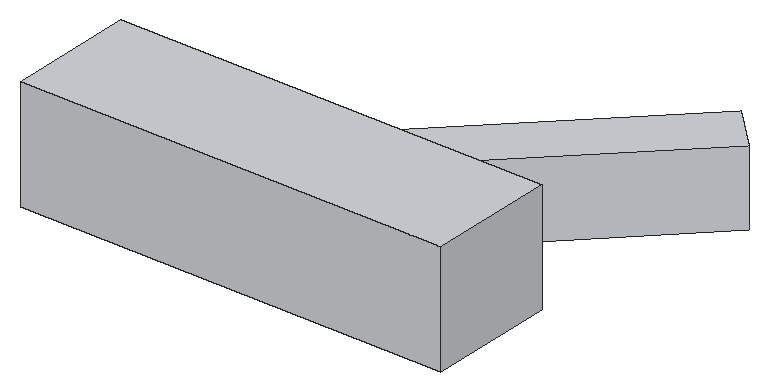
Revit family "DuctFitting_Rectangle_Tee", category Duct Fittings, Revit 2023
Family settings
  Round Connector Dimension = Use Diameter
  Part Type = Tee
  Work Plane-Based = No
  Always vertical = Yes
  Cut with Voids When Loaded = No
  Shared = No
Parameters
  Width Branch [instance] = 200 mm
  Width Main [instance] = 450 mm
  Length Branch [instance] = 1300 mm
  Length Main [instance] = 1500 mm
  Height Branch [instance] = 270 mm
  Height Main [instance] = 400 mm
  Default Elevation = 0 mm
  Angle [instance] = 45.00°
Reference planes
  plane 1 "Center (Front/Back)": y = 0
  plane 2: z = 0
  plane 3 "Center (Left/Right)": x = 0
Forms (mm)
  Sweep 1, solid
    path origin (0, 0, 0) x (1, 0, 0) y (0, 1, 0)
      loop
        line (750, 0) -> (0, 0) -> (-750, 0)
    profile origin (-375, 0, 0) x (0, -1, 0) y (0, 0, 1)
      loop
        line (225, -200) -> (225, 200) -> (-225, 200) -> (-225, -200) -> (225, -200)
  Sweep 2, solid
    path origin (0, 0, 0) x (1, 0, 0) y (0, 1, 0)
      loop
        line (0, 0) -> (919.239, 919.239)
    profile origin (459.619, 459.619, 0) x (-0.707107, 0.707107, 0) y (0, 0, 1)
      loop
        line (100, -135) -> (100, 135) -> (-100, 135) -> (-100, -135) -> (100, -135)
Cuts and joins
  joined: Sweep 1, Sweep 2
Dimensions and locks
  "Length Main": Sweep 1 sketch curve to Sweep 1 sketch curve
  equal spacing: Sweep 1 sketch curve, Sweep 1 sketch curve, Sweep 1 sketch curve
  "Width Main": Sweep 1 sketch curve to Sweep 1 sketch curve
  "Height Main": Sweep 1 sketch curve to Sweep 1 sketch curve
  "Width Branch": Sweep 2 sketch curve to Sweep 2 sketch curve
  "Height Branch": Sweep 2 sketch curve to Sweep 2 sketch curve
  equal spacing: Sweep 2 sketch curve, profile plane, Sweep 2 sketch curve  (x2)
  equal spacing: Sweep 1 sketch curve, profile plane, Sweep 1 sketch curve  (x2)
  "Length Branch": Sweep 2 sketch curve to Sweep 2 sketch curve
  "Angle": angle plane 1 "Center (Front/Back)" to Sweep 2 sketch curve
  aligned and locked: level to plane 2
Automatic sketch dimensions
  plane 1 "Center (Front/Back)" to Sweep 1 sketch curve = 0 mm
  Sweep 1 sketch curve to plane 3 "Center (Left/Right)" = 0 mm
  plane 1 "Center (Front/Back)" to Sweep 2 sketch curve = 0 mm
  Sweep 2 sketch curve to plane 3 "Center (Left/Right)" = 0 mm
Connectors
  hvac at (919.239, 919.239, 0), driven by "Height Branch", driven by "Width Branch"
    settings: on cut or joined group of Sweep 1, Sweep 2, index 1, duct flow 0.0 L/s, flow factor 0, pres drop 0.0 Pa, loss coef 0, conn angle 0.00°, conn width 200 mm, conn height 270 mm, conn diameter 609.6 mm, duct sys type 1, conn prof type 1, flow config 0, flow direction 0, loss method 0, conn ref index -1, conn util no, is conn primary yes, conn desc ""
  hvac at (750, 0, 0), driven by "Height Main", driven by "Width Main"
    settings: on cut or joined group of Sweep 1, Sweep 2, index 2, duct flow 0.0 L/s, flow factor 0, pres drop 0.0 Pa, loss coef 0, conn angle 0.00°, conn width 450 mm, conn height 400 mm, conn diameter 609.6 mm, duct sys type 1, conn prof type 1, flow config 0, flow direction 0, loss method 0, conn ref index -1, conn util no, is conn primary no, conn desc ""
  hvac at (-750, 0, 0), driven by "Height Main", driven by "Width Main"
    settings: on cut or joined group of Sweep 1, Sweep 2, index 3, duct flow 0.0 L/s, flow factor 0, pres drop 0.0 Pa, loss coef 0, conn angle 0.00°, conn width 450 mm, conn height 400 mm, conn diameter 609.6 mm, duct sys type 1, conn prof type 1, flow config 0, flow direction 0, loss method 0, conn ref index -1, conn util no, is conn primary no, conn desc ""
